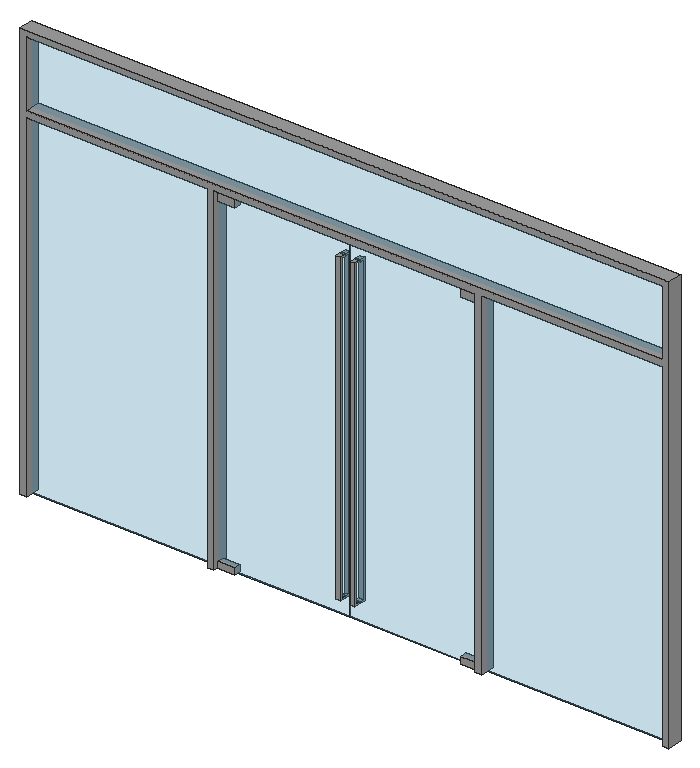
Revit family "0081_M_DR_W_TGD(4500X2900)_생명", category 문, Revit 2026
Family settings
  호스트 = 벽
  항상 수직 = 예
  로드될 때 보이드를 사용하여 절단 = 아니오
  공유 = 아니오
  룸 계산 점 = 아니오
Parameters (values of type "TGD(2650X3500)")
  프레임 투영 외부 = 25 mm
  프레임 투영 내부 = 25 mm
  프레임 폭 = 75 mm
  창호부호 = "TGD"
  Function = (empty or 0)
  Assembly Code = ""
  사이드 폭 [instance] = 375 mm
  문틀재료 = "1.6 ST'L EGI PL\r\n"
  문틀마감 = "조합페인트"
  문짝재료 = "1.2mm ST'L EGI PL  양면\r\n"
  문짝마감 = "정전분체도장"
  문번호 = "2"
  문 폭 [instance] = 1900 mm
  높이 = 2900 mm
  벽 마무리 = 호스트별
  폭 = 4000 mm
Reference planes
  plane 1: y = 0
  plane 2 "중심(왼쪽/오른쪽)": x = 0
  plane 3 "왼쪽": x = -1325
  plane 4 "오른쪽": x = 1325
  plane 5: z = 2900
  plane 6 "외부": y = 100
  plane 7 "내부": y = -100
  plane 8: y = 0
  plane 9: z = 2300
  plane 10: z = 100
  plane 11: z = 2300
  plane 12: z = 100
  plane 13: z = 2400
  plane 14: z = 0
  plane 15: z = 2245
  plane 16: z = 2300
  plane 17: z = 100
  plane 18: z = 2400
  plane 19: z = 0
  plane 20: z = 2245
  plane 21: x = -950
  plane 22: x = 950
  plane 23: x = 2400
  plane 24: x = -2400
  plane 25: x = -2250
  plane 26: x = 2250
  plane 27: z = 2900
  plane 28: z = 3160
  plane 29: z = 2860
Forms (mm)
  Extrusion 1, solid, material "SNU-강화유리"
    sketch origin (-168.123, -23, -55) x (1, 0, 0) y (0, 1, 0)
      loop
        line (-736.877, 17) -> (168.123, 17) -> (168.123, 29) -> (-736.877, 29) -> (-736.877, 17)
    from 55 to 2410
  Extrusion 2, solid, material "SNU-SST"
    sketch origin (3068.158, 11.405, 100) x (1, 0, 0) y (0, 1, 0)
      loop
        line (-863.158, 38.595) -> (-863.158, -61.405) -> (-818.158, -61.405) -> (-818.158, 38.595) -> (-863.158, 38.595)
    from -100 to 2760
  Extrusion 3, solid, material "SNU-SST"
    sketch origin (480.631, 49, 660) x (1, 0, 0) y (0, 1, 0)
      loop
        line (-2730.438, -99) -> (1769.354, -99) -> (1769.354, 1) -> (-2730.438, 1) -> (-2730.438, -99)
    from 2240 to 2200
  Extrusion 4, solid, material "SNU-SST"
    sketch origin (1215.631, 49, 475) x (1, 0, 0) y (0, 1, 0)
      loop
        line (-3465.631, -99) -> (989.369, -99) -> (989.369, 1) -> (-3465.631, 1) -> (-3465.631, -99)
    from 1925 to 1880
  Extrusion 5, solid, material "SNU-강화유리"
    sketch origin (168.123, -23, -55) x (-1, 0, 0) y (0, -1, 0)
      loop
        line (-736.877, -17) -> (-736.877, -29) -> (168.123, -29) -> (168.123, -17) -> (-736.877, -17)
    from 55 to 2410
  Extrusion 6, solid, material "SNU-SST"
    sketch origin (-415.631, -97.5, -55) x (-1, 0, 0) y (0, -1, 0)
      loop
        line (-1320.631, -120) -> (-1200.631, -120) -> (-1200.631, -75) -> (-1320.631, -75) -> (-1320.631, -120)
    from 55 to 100
  Extrusion 7, solid, material "SNU-SST"
    sketch origin (-415.631, -97.5, 2300) x (-1, 0, 0) y (0, -1, 0)
      loop
        line (-1320.631, -120) -> (-1200.631, -120) -> (-1200.631, -75) -> (-1320.631, -75) -> (-1320.631, -120)
    from 55 to -20
  Sweep 8, solid, material "SNU-SST"
    path origin (-45.644, 1, 0) x (1, 0, 0) y (0, -1, 0)
      loop
        line (9.369, -5) -> (-20.631, -5)
    profile origin (-51.274, 6, 0) x (0, -1, 0) y (0, 0, 1)
      loop
        line (0, 2245) -> (-35, 2245) -> (-35, 110) -> (0, 110) -> (0, 120) -> (-25, 120) -> (-25, 2235) -> (0, 2235) -> (0, 2245)
  Sweep 9, solid, material "SNU-SST"
    path origin (45.644, -1, 0) x (-1, 0, 0) y (0, -1, 0)
      loop
        line (9.369, 5) -> (-20.631, 5)
    profile origin (51.274, -6, 0) x (0, 1, 0) y (0, 0, 1)
      loop
        line (0, 2245) -> (-35, 2245) -> (-35, 110) -> (0, 110) -> (0, 120) -> (-25, 120) -> (-25, 2235) -> (0, 2235) -> (0, 2245)
  Sweep 10, solid, material "SNU-SST"
    path origin (45.644, 1, 0) x (-1, 0, 0) y (0, -1, 0)
      loop
        line (9.369, -5) -> (-20.631, -5)
    profile origin (51.274, 6, 0) x (0, 1, 0) y (0, 0, 1)
      loop
        line (0, 2245) -> (0, 2235) -> (25, 2235) -> (25, 120) -> (0, 120) -> (0, 110) -> (35, 110) -> (35, 2245) -> (0, 2245)
  Extrusion 11, solid, material "SNU-강화유리"
    sketch origin (168.123, -23, 2345) x (-1, 0, 0) y (0, -1, 0)
      loop
        line (-2036.877, -17) -> (-2036.877, -29) -> (2417.931, -29) -> (2417.931, -17) -> (-2036.877, -17)
    from 10 to 515
  Extrusion 12, solid, material "SNU-SST"
    sketch origin (1768.158, 11.405, 100) x (1, 0, 0) y (0, 1, 0)
      loop
        line (-863.158, 38.595) -> (-863.158, -61.405) -> (-818.158, -61.405) -> (-818.158, 38.595) -> (-863.158, 38.595)
    from -100 to 2255
  Extrusion 13, solid, material "SNU-SST"
    sketch origin (415.631, -97.5, -55) x (1, 0, 0) y (0, 1, 0)
      loop
        line (-1320.631, 120) -> (-1320.631, 75) -> (-1200.631, 75) -> (-1200.631, 120) -> (-1320.631, 120)
    from 55 to 100
  Sweep 14, solid, material "SNU-SST"
    path origin (-45.644, -1, 0) x (1, 0, 0) y (0, 1, 0)
      loop
        line (9.369, -5) -> (-20.631, -5)
    profile origin (-51.274, -6, 0) x (0, -1, 0) y (0, 0, 1)
      loop
        line (0, 2245) -> (0, 2235) -> (25, 2235) -> (25, 120) -> (0, 120) -> (0, 110) -> (35, 110) -> (35, 2245) -> (0, 2245)
  Sweep 15, solid, material "SNU-SST"
    path origin (-45.644, 1, 0) x (1, 0, 0) y (0, 1, 0)
      loop
        line (9.369, 5) -> (-20.631, 5)
    profile origin (-51.274, 6, 0) x (0, -1, 0) y (0, 0, 1)
      loop
        line (0, 2245) -> (-35, 2245) -> (-35, 110) -> (0, 110) -> (0, 120) -> (-25, 120) -> (-25, 2235) -> (0, 2235) -> (0, 2245)
  Extrusion 16, solid, material "SNU-SST"
    sketch origin (-1768.158, 11.405, 100) x (-1, 0, 0) y (0, -1, 0)
      loop
        line (-863.158, -38.595) -> (-818.158, -38.595) -> (-818.158, 61.405) -> (-863.158, 61.405) -> (-863.158, -38.595)
    from -100 to 2255
  Extrusion 17, solid, material "SNU-강화유리"
    sketch origin (-1128.123, -23, -55) x (1, 0, 0) y (0, 1, 0)
      loop
        line (-1076.684, 17) -> (178.123, 17) -> (178.123, 29) -> (-1076.684, 29) -> (-1076.684, 17)
    from 55 to 2410
  Extrusion 18, solid, material "SNU-강화유리"
    sketch origin (1128.123, -23, -55) x (-1, 0, 0) y (0, -1, 0)
      loop
        line (-1076.877, -17) -> (-1076.877, -29) -> (178.123, -29) -> (178.123, -17) -> (-1076.877, -17)
    from 55 to 2410
  Extrusion 19, solid, material "SNU-SST"
    sketch origin (-676.649, 11.405, 0) x (1, 0, 0) y (0, 1, 0)
      loop
        line (-1573.158, 38.595) -> (-1573.158, -61.405) -> (-1528.158, -61.405) -> (-1528.158, 38.595) -> (-1573.158, 38.595)
    from 0 to 2860
  Extrusion 20, solid, material "SNU-SST"
    sketch origin (-2105.631, -97.5, 2300) x (-1, 0, 0) y (0, -1, 0)
      loop
        line (-1320.631, -120) -> (-1200.631, -120) -> (-1200.631, -75) -> (-1320.631, -75) -> (-1320.631, -120)
    from 55 to -20
Cuts and joins
  joined: Extrusion 2, Extrusion 3, Extrusion 4, Extrusion 12, Extrusion 16, Extrusion 19
Lines and regions (mm)
  Opening 1
    outline origin (-3079.774, -100, 0) x (1, 0, 0) y (0, 0, 1)
      loop
        line (1754.774, 0) -> (4404.774, 0) -> (4404.774, 2900) -> (1754.774, 2900) -> (1754.774, 0)
  Opening 2
    outline origin (-5179.789, -100, 0) x (1, 0, 0) y (0, 0, 1)
      loop
        line (6354.774, 2900) -> (6354.774, 0) -> (7429.774, 0) -> (7429.774, 28.477) -> (7429.774, 2900) -> (6354.774, 2900)
  Opening 3
    outline origin (-4879.582, -100, 0) x (1, 0, 0) y (0, 0, 1)
      loop
        line (4079.774, 2900) -> (2629.774, 2900) -> (2629.774, 0) -> (4079.774, 0) -> (4079.774, 2900)
  symbolic lines
    curve 1: line (-893, 6, 0) -> (-893, 911, 0)
    curve 2: line (-893, 911, 0) -> (-905, 911, 0)
    curve 3: line (-905, 911, 0) -> (-905, 6, 0)
    curve 4: line (-893, 6, 0) -> (-905, 6, 0)
    curve 5: arc (0, 6, 0) -> (-265.068, 645.932, 0) -> (-905, 911, 0) r 905
    curve 6: line (893, 6, 0) -> (893, 911, 0)
    curve 7: line (893, 911, 0) -> (905, 911, 0)
    curve 8: line (905, 911, 0) -> (905, 6, 0)
    curve 9: arc (0, 6, 0) -> (265.068, 645.932, 0) -> (905, 911, 0) r 905
  symbolic lines, style "입면도 스윙"
    curve 10: line (905, -100, 1177.5) -> (0, -100, 0)
    curve 11: line (905, 100, 1177.5) -> (0, 100, 2355)
    curve 12: line (-905, -100, 1177.5) -> (0, -100, 0)
    curve 13: line (-905, 100, 1177.5) -> (0, 100, 2355)
  model lines
    curve 14: line (893, 6, 0) -> (905, 6, 0)
Text (mm)
  text "Exterior" at (-2295.016, 1099.543, 0), in view "참조 레벨"
  text "Exterior" at (0, 1615.38, 3698.081), in view "왼쪽"
  text "Exterior" at (0, 1036.032, 3874.932), in view "오른쪽"
Dimensions and locks
  equal spacing: plane 3 "왼쪽", plane 2 "중심(왼쪽/오른쪽)", plane 4 "오른쪽"
  plane 3 "왼쪽" to plane 4 "오른쪽" = 2650 mm
  "높이": host wall to plane 5
  host wall to plane 5 = 2900 mm
  locked: plane 6 "외부" to host wall at 0
  locked: plane 7 "내부" to host wall
  Extrusion 1 sketch curve to Extrusion 1 sketch curve = 12 mm
  Extrusion 5 sketch curve to Extrusion 5 sketch curve = 12 mm
  plane 9 to plane 10 = 2200 mm
  plane 11 to plane 12 = 2200 mm
  plane 13 to plane 14 = 2400 mm
  Extrusion 5 to Extrusion 4 = 2355 mm
  Extrusion 4 to Extrusion 3 = 505 mm
  Extrusion 11 sketch curve to Extrusion 11 sketch curve = 12 mm
  plane 16 to plane 17 = 2200 mm
  plane 18 to plane 19 = 2400 mm
  cut or joined group of Extrusion 2, Extrusion 3, Extrusion 4, Extrusion 12, Extrusion 16, Extrusion 19 to Extrusion 1 = 2355 mm
  cut or joined group of Extrusion 2, Extrusion 3, Extrusion 4, Extrusion 12, Extrusion 16, Extrusion 19 to cut or joined group of Extrusion 2, Extrusion 3, Extrusion 4, Extrusion 12, Extrusion 16, Extrusion 19 = 505 mm
  Extrusion 17 sketch curve to Extrusion 17 sketch curve = 12 mm
  Extrusion 18 sketch curve to Extrusion 18 sketch curve = 12 mm
  locked: plane 21 to plane 22 at 1900
  plane 3 "왼쪽" to plane 21 = 375 mm
  Extrusion 11 to Extrusion 3 = 545 mm
  aligned and locked: plane 3 "왼쪽" to Opening 1 sketch curve
  aligned and locked: plane 5 to Opening 1 sketch curve
  aligned and locked: Opening 1 sketch curve to plane 5
  aligned and locked: Opening 1 sketch curve to plane 4 "오른쪽"
  aligned and locked: Opening 1 sketch curve to level
  aligned and locked: host wall to plane 1
  aligned and locked: Extrusion 1 to curve 13
  aligned and locked: cut or joined group of Extrusion 2, Extrusion 3, Extrusion 4, Extrusion 12, Extrusion 16, Extrusion 19 to Extrusion 11
  aligned and locked: Extrusion 18 to cut or joined group of Extrusion 2, Extrusion 3, Extrusion 4, Extrusion 12, Extrusion 16, Extrusion 19
  aligned and locked: Extrusion 11 to cut or joined group of Extrusion 2, Extrusion 3, Extrusion 4, Extrusion 12, Extrusion 16, Extrusion 19
  aligned and locked: Extrusion 4 to Extrusion 2
  aligned and locked: Extrusion 17 to cut or joined group of Extrusion 2, Extrusion 3, Extrusion 4, Extrusion 12, Extrusion 16, Extrusion 19
  aligned and locked: host wall to Extrusion 3
  aligned and locked: plane 27 to plane 5
  aligned and locked: Extrusion 2 to Extrusion 3
  aligned and locked: Extrusion 2 to Extrusion 11
  aligned and locked: Extrusion 5 to Extrusion 7
  aligned and locked: Extrusion 5 to Extrusion 1
  aligned and locked: Extrusion 19 to Extrusion 3
  aligned and locked: Extrusion 3 to host wall  (x2)
  aligned and locked: Extrusion 1 to Extrusion 11
Automatic sketch dimensions
  Extrusion 1 sketch curve to plane 2 "중심(왼쪽/오른쪽)" = 0 mm
  host wall to Extrusion 1 sketch curve = 6 mm
  plane 21 to Extrusion 1 sketch curve = 45 mm
  Extrusion 2 sketch curve to plane 26 = 0 mm
  Extrusion 2 sketch curve to Extrusion 2 sketch curve = 45 mm
  host wall to Extrusion 2 sketch curve = 50 mm
  Extrusion 2 sketch curve to host wall = 50 mm
  plane 25 to Extrusion 3 sketch curve = 0.192 mm
  Extrusion 3 sketch curve to plane 26 = 0.015 mm
  host wall to Extrusion 3 sketch curve = 50 mm
  Extrusion 3 sketch curve to host wall = 50 mm
  Extrusion 4 sketch curve to plane 25 = 0 mm
  Extrusion 4 sketch curve to plane 26 = 45 mm
  host wall to Extrusion 4 sketch curve = 50 mm
  Extrusion 4 sketch curve to host wall = 50 mm
  curve 9 to plane 2 "중심(왼쪽/오른쪽)" = 0 mm
  curve 5 to plane 2 "중심(왼쪽/오른쪽)" = 0 mm
  plane 21 to curve 2 = 57 mm
  curve 5 to curve 1 = 12 mm
  curve 7 to plane 22 = 57 mm
  curve 9 to host wall = 6 mm
  curve 6 to curve 9 = 12 mm
  curve 14 to host wall = 6 mm
  curve 1 to host wall = 6 mm
  curve 5 to curve 3 = 0 mm
  Extrusion 5 sketch curve to plane 2 "중심(왼쪽/오른쪽)" = 0 mm
  host wall to Extrusion 5 sketch curve = 6 mm
  Extrusion 5 sketch curve to plane 22 = 45 mm
  host wall to Extrusion 6 sketch curve = 22.5 mm
  Extrusion 6 sketch curve to plane 22 = 45 mm
  Extrusion 6 sketch curve to Extrusion 6 sketch curve = 120 mm
  Extrusion 6 sketch curve to host wall = 22.5 mm
  host wall to Extrusion 7 sketch curve = 22.5 mm
  Extrusion 7 sketch curve to plane 22 = 45 mm
  Extrusion 7 sketch curve to Extrusion 7 sketch curve = 120 mm
  Extrusion 7 sketch curve to host wall = 22.5 mm
  curve 10 to level = 0 mm
  curve 10 to plane 2 "중심(왼쪽/오른쪽)" = 0 mm
  plane 21 to curve 12 = 45 mm
  curve 10 to plane 22 = 45 mm
  level to curve 12 = 1177.5 mm
  level to curve 10 = 1177.5 mm
  plane 1 to Sweep 8 sketch curve = 6 mm
  plane 2 "중심(왼쪽/오른쪽)" to Sweep 8 sketch curve = 66.274 mm
  Sweep 8 sketch curve to Sweep 8 sketch curve = 30 mm
  Sweep 8 sketch curve to profile plane = 0 mm  (x2)
  Sweep 8 sketch curve to Sweep 8 sketch curve = 25 mm
  Sweep 8 sketch curve to Sweep 8 sketch curve = 10 mm  (x3)
  plane 10 to Sweep 8 sketch curve = 10 mm
  Sweep 8 sketch curve to plane 9 = 65 mm
  plane 1 to Sweep 9 sketch curve = 6 mm
  plane 2 "중심(왼쪽/오른쪽)" to Sweep 9 sketch curve = 66.274 mm
  Sweep 9 sketch curve to Sweep 9 sketch curve = 30 mm
  Sweep 9 sketch curve to profile plane = 0 mm  (x2)
  Sweep 9 sketch curve to Sweep 9 sketch curve = 25 mm
  Sweep 9 sketch curve to Sweep 9 sketch curve = 10 mm  (x3)
  plane 12 to Sweep 9 sketch curve = 10 mm
  Sweep 9 sketch curve to plane 11 = 65 mm
  Sweep 10 sketch curve to plane 1 = 6 mm
  plane 2 "중심(왼쪽/오른쪽)" to Sweep 10 sketch curve = 66.274 mm
  Sweep 10 sketch curve to Sweep 10 sketch curve = 30 mm
  Sweep 10 sketch curve to profile plane = 0 mm  (x2)
  Sweep 10 sketch curve to plane 15 = 0 mm
  Sweep 10 sketch curve to plane 15 = 10 mm
  Sweep 10 sketch curve to Sweep 10 sketch curve = 25 mm
  Sweep 10 sketch curve to Sweep 10 sketch curve = 10 mm  (x2)
  profile plane to Sweep 10 sketch curve = 120 mm
  plane 25 to Extrusion 11 sketch curve = 0.192 mm
  host wall to Extrusion 11 sketch curve = 6 mm
  Extrusion 11 sketch curve to plane 26 = 45 mm
  Extrusion 12 sketch curve to plane 22 = 0 mm
  Extrusion 12 sketch curve to Extrusion 12 sketch curve = 45 mm
  host wall to Extrusion 12 sketch curve = 50 mm
  Extrusion 12 sketch curve to host wall = 50 mm
  host wall to Extrusion 13 sketch curve = 22.5 mm
  plane 21 to Extrusion 13 sketch curve = 45 mm
  Extrusion 13 sketch curve to Extrusion 13 sketch curve = 120 mm
  Extrusion 13 sketch curve to host wall = 22.5 mm
  plane 1 to Sweep 14 sketch curve = 6 mm
  Sweep 14 sketch curve to plane 2 "중심(왼쪽/오른쪽)" = 66.274 mm
  Sweep 14 sketch curve to Sweep 14 sketch curve = 30 mm
  Sweep 14 sketch curve to profile plane = 0 mm  (x2)
  Sweep 14 sketch curve to profile plane = 25 mm
  Sweep 14 sketch curve to Sweep 14 sketch curve = 10 mm  (x3)
  plane 17 to Sweep 14 sketch curve = 10 mm
  Sweep 14 sketch curve to plane 16 = 65 mm
  Sweep 15 sketch curve to plane 1 = 6 mm
  Sweep 15 sketch curve to plane 2 "중심(왼쪽/오른쪽)" = 66.274 mm
  Sweep 15 sketch curve to Sweep 15 sketch curve = 30 mm
  Sweep 15 sketch curve to plane 20 = 0 mm
  Sweep 15 sketch curve to profile plane = 0 mm  (x2)
  profile plane to Sweep 15 sketch curve = 25 mm
  Sweep 15 sketch curve to Sweep 15 sketch curve = 10 mm  (x2)
  Sweep 15 sketch curve to plane 20 = 10 mm
  profile plane to Sweep 15 sketch curve = 120 mm
  Extrusion 16 sketch curve to plane 21 = 0 mm
  plane 21 to Extrusion 16 sketch curve = 45 mm
  Extrusion 16 sketch curve to host wall = 50 mm
  host wall to Extrusion 16 sketch curve = 50 mm
  Extrusion 17 sketch curve to plane 21 = 0 mm
  host wall to Extrusion 17 sketch curve = 6 mm
  plane 25 to Extrusion 17 sketch curve = 45.192 mm
  Extrusion 18 sketch curve to plane 22 = 0 mm
  host wall to Extrusion 18 sketch curve = 6 mm
  Extrusion 18 sketch curve to plane 26 = 45 mm
  plane 25 to Extrusion 19 sketch curve = 0.192 mm
  Extrusion 19 sketch curve to Extrusion 19 sketch curve = 45 mm
  host wall to Extrusion 19 sketch curve = 50 mm
  Extrusion 19 sketch curve to host wall = 50 mm
  Opening 2 sketch curve to plane 5 = 0 mm
  Opening 2 sketch curve to level = 0 mm
  plane 4 "오른쪽" to Opening 2 sketch curve = 150.015 mm
  Opening 2 sketch curve to plane 26 = 0.015 mm
  level to Opening 2 sketch curve = 28.477 mm
  Opening 3 sketch curve to plane 5 = 0 mm
  Opening 3 sketch curve to level = 0 mm
  plane 25 to Opening 3 sketch curve = 0.192 mm
  plane 21 to Opening 3 sketch curve = 150.192 mm
  host wall to Extrusion 20 sketch curve = 22.5 mm
  plane 21 to Extrusion 20 sketch curve = 165 mm
  plane 21 to Extrusion 20 sketch curve = 45 mm
  Extrusion 20 sketch curve to host wall = 22.5 mm
  curve 11 to plane 22 = 45 mm
  plane 21 to curve 13 = 45 mm
  level to curve 13 = 1177.5 mm
  level to curve 11 = 1177.5 mm
  curve 13 to plane 29 = 505 mm
